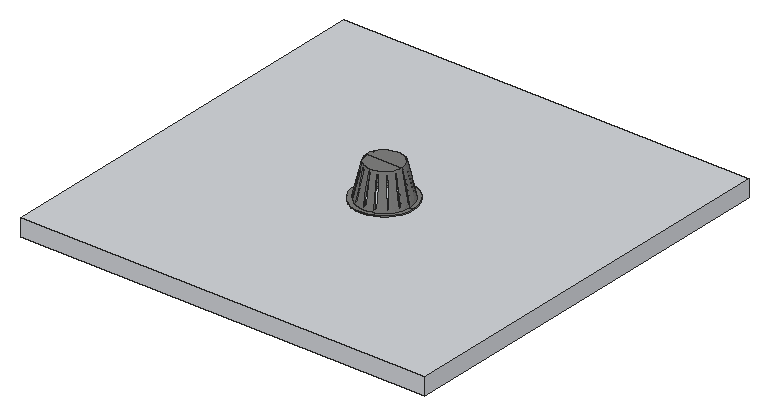
Revit family
Parameters (values of type "3"")
  URL = "WWW.MIFAB.COM"
  Roof Drain = Roof Drain
  R1 = 5.000"
  Pipe Radius = 1.500"
  Pipe Diameter = Pipe Radius * 2  # 3.000"
  Model = "R1200"
  Manufacturer = "MIFAB"
  H3 = Body Height / 3.375  # 1.81481"
  H2 = Body Height / 1.99  # 3.07789"
  H1 = Body Height / 1.53  # 4.00327"
  Description = "LARGE SUMP ROOF DRAIN"
  Default Elevation = 48.000"
  Body Height = 6.125"
Types (7): name | Pipe Radius | Pipe Diameter | H3 | H2 | H1 | Body Height
  (no name) | 1.500" | 3.000" | 1.81481" | 3.07789" | 4.00327" | 6.125"
  4" | 2.000" | 4.000" | 1.81481" | 3.07789" | 4.00327" | 6.125"
  2" | 1.000" | 2.000" | 1.81481" | 3.07789" | 4.00327" | 6.125"
  3" | 1.500" | 3.000" | 1.81481" | 3.07789" | 4.00327" | 6.125"
  5" | 2.500" | 5.000" | 1.81481" | 3.07789" | 4.00327" | 6.125"
  6" | 3.000" | 6.000" | 2.37037" | 4.0201" | 5.22876" | 8.000"
  8" | 4.000" | 8.000" | 2.37037" | 4.0201" | 5.22876" | 8.000"
Reference planes (in)
  plane 1 "Center (Front/Back)": y = 0
  plane 2: z = 0
  plane 3 "Center (Left/Right)": x = 0
  plane 4: x = 1.7
  plane 5: x = 4.25
  plane 6: x = 4.5
  plane 7: x = 5
  plane 8: x = 7
  plane 9: x = 1.5
  plane 10: z = -6.125
  plane 11: z = -4.00327
  plane 12: z = -3.07789
  plane 13: z = -0.2
  plane 14: z = 0.2085
  plane 15: z = -1.81481
  plane 16: x = 4.2
  plane 17: z = 8
  plane 18: x = 6
  plane 19: x = -0.25
  plane 20: x = 0.25
  plane 21: z = 7.5
  plane 22: z = 0.7085
Forms (in)
  Extrusion 1, solid
    sketch origin (0, 0, 0) x (1, 0, 0) y (0, 1, 0)
      loop
        line (-48, 48) -> (-48, -48) -> (48, -48) -> (48, 48) -> (-48, 48)
    from 0 to -4
  Revolve 2, solid, material "Roof Drain" <- "Roof Drain"
    sketch origin (0, 0, 0) x (1, 0, 0) y (0, 0, 1)
      loop
        line (1.7, -6.125) -> (1.7, -4.00327) -> (4.25, -4.00327) -> (4.5, -0.2) -> (5, -0.2) -> (5, 0) -> (7, 0) -> (7, 0.2085) -> (4.31396, 0.2085) -> (4.05026, -3.80327) -> (1.5, -3.80327) -> (1.5, -6.125) -> (1.7, -6.125)
      axis (0, 0.2085) -> (0, -6.125)
    angle from 0 to 360
  Revolve 3, solid, material "Roof Drain" <- "Roof Drain"
    sketch origin (0, 0, 0) x (1, 0, 0) y (0, 0, 1)
      loop
        line (0, 8) -> (0, 7.8) -> (4.04094, 7.8) -> (5.79473, 0.2085) -> (6, 0.2085) -> (4.2, 8) -> (0, 8)
      axis (0, 0.2085) -> (0, 8)
    angle from 0 to 360
  Extrusion 4, void
    sketch origin (0, 0, 0) x (1, 0, 0) y (0, 0, 1)
      loop
        line (-0.25, 7.5) -> (-0.25, 0.7085) -> (0.25, 0.7085) -> (0.25, 7.5) -> (-0.25, 7.5)
    from -6.43838 to 6.34689
  Extrusion 5, void
    sketch origin (0, 0, 0) x (0.92388, -0.382683, 0) y (0, 0, 1)
      loop
        line (-0.25, 7.5) -> (-0.25, 0.7085) -> (0.25, 0.7085) -> (0.25, 7.5) -> (-0.25, 7.5)
    from -6.43838 to 6.34689
  Extrusion 6, void
    sketch origin (0, 0, 0) x (0.92388, 0.382683, 0) y (0, 0, 1)
      loop
        line (-0.25, 7.5) -> (-0.25, 0.7085) -> (0.25, 0.7085) -> (0.25, 7.5) -> (-0.25, 7.5)
    from -6.43838 to 6.34689
  Extrusion 7, void
    sketch origin (0, 0, 0) x (0.707107, 0.707107, 0) y (0, 0, 1)
      loop
        line (-0.25, 7.5) -> (-0.25, 0.7085) -> (0.25, 0.7085) -> (0.25, 7.5) -> (-0.25, 7.5)
    from -6.43838 to 6.34689
  Extrusion 8, void
    sketch origin (0, 0, 0) x (0.382683, 0.92388, 0) y (0, 0, 1)
      loop
        line (-0.25, 7.5) -> (-0.25, 0.7085) -> (0.25, 0.7085) -> (0.25, 7.5) -> (-0.25, 7.5)
    from -6.43838 to 6.34689
  Extrusion 9, void
    sketch origin (0, 0, 0) x (0, 1, 0) y (0, 0, 1)
      loop
        line (-0.25, 7.5) -> (-0.25, 0.7085) -> (0.25, 0.7085) -> (0.25, 7.5) -> (-0.25, 7.5)
    from -6.43838 to 6.34689
  Extrusion 10, void
    sketch origin (0, 0, 0) x (-0.382683, 0.92388, 0) y (0, 0, 1)
      loop
        line (-0.25, 7.5) -> (-0.25, 0.7085) -> (0.25, 0.7085) -> (0.25, 7.5) -> (-0.25, 7.5)
    from -6.43838 to 6.34689
  Extrusion 11, void
    sketch origin (0, 0, 0) x (-0.707107, 0.707107, 0) y (0, 0, 1)
      loop
        line (-0.25, 7.5) -> (-0.25, 0.7085) -> (0.25, 0.7085) -> (0.25, 7.5) -> (-0.25, 7.5)
    from -6.43838 to 6.34689
Cuts and joins
  Extrusion 4, Extrusion 5, Extrusion 6, Extrusion 7, Extrusion 8, Extrusion 9, Extrusion 10, Extrusion 11 cuts Revolve 3
Dimensions and locks (in)
  "Pipe Radius": plane 9 to plane 3 "Center (Left/Right)"
  locked: plane 4 to plane 9 at 0.2
  "R1": plane 7 to plane 3 "Center (Left/Right)"
  plane 5 to plane 3 "Center (Left/Right)" = 4.250"
  plane 6 to plane 3 "Center (Left/Right)" = 4.500"
  plane 8 to plane 3 "Center (Left/Right)" = 7.000"
  "Body Height": level to plane 10
  level to plane 13 = 0.200"
  "H3": level to plane 15
  "H2": Extrusion 1 to plane 12
  "H1": level to plane 11
  locked: plane 16 to plane 3 "Center (Left/Right)" at 4.2
  locked: plane 17 to level at 8
  locked: plane 18 to plane 3 "Center (Left/Right)" at 6
  locked: plane 17 to Revolve 3 sketch curve at 0.2
  locked: Revolve 3 sketch curve to Revolve 3 sketch curve at 0.2
  locked: Revolve 2 sketch curve to Revolve 2 sketch curve at 0.2
  locked: Revolve 2 sketch curve to Revolve 2 sketch curve at 0.21243
  plane 17 to plane 21 = 0.500"
  locked: plane 22 to plane 14 at 0.5
  aligned and locked: plane 2 to Extrusion 1
  aligned and locked: level to Extrusion 1
  aligned and locked: Revolve 2 sketch curve to plane 10
  aligned and locked: Revolve 2 sketch curve to plane 4
  aligned and locked: Revolve 2 sketch curve to plane 13
  aligned and locked: Revolve 2 sketch curve to plane 7
  aligned and locked: Extrusion 1 to Revolve 2 sketch curve
  aligned and locked: Revolve 2 sketch curve to plane 8
  aligned and locked: Revolve 2 sketch curve to plane 14
  aligned and locked: Revolve 2 sketch curve to plane 3 "Center (Left/Right)"
  aligned and locked: plane 9 to Revolve 2 sketch curve
  aligned and locked: Revolve 2 sketch curve to plane 11
  aligned and locked: plane 3 "Center (Left/Right)" to Revolve 3 sketch curve  (x2)
  aligned and locked: Revolve 3 sketch curve to plane 17
  aligned and locked: plane 16 to Revolve 3 sketch curve
  aligned and locked: Revolve 3 sketch curve to plane 14
Automatic sketch dimensions
  Extrusion 1 sketch curve to Extrusion 1 sketch curve = 96.000"  (x2)
  Revolve 3 sketch curve to plane 18 = 0.000"
  Revolve 3 sketch curve to Revolve 3 sketch curve = 5.000"
  Revolve 3 sketch curve to Revolve 3 sketch curve = 1.750"
  Revolve 2 sketch curve to plane 5 = 0.000"
  Revolve 2 sketch curve to plane 6 = 0.000"
  plane 10 to Revolve 2 sketch curve = 5.000"
  Revolve 2 sketch curve to Revolve 2 sketch curve = 11.000"
  Extrusion 4 sketch curve to Extrusion 4 sketch curve = 0.500"
  Extrusion 4 sketch curve to Extrusion 4 sketch curve = 6.7915"
  Extrusion 5 sketch curve to Extrusion 5 sketch curve = 0.500"
  Extrusion 5 sketch curve to Extrusion 5 sketch curve = 6.7915"
  Extrusion 6 sketch curve to Extrusion 6 sketch curve = 0.500"
  Extrusion 6 sketch curve to Extrusion 6 sketch curve = 6.7915"
  Extrusion 7 sketch curve to Extrusion 7 sketch curve = 0.500"
  Extrusion 7 sketch curve to Extrusion 7 sketch curve = 6.7915"
  Extrusion 8 sketch curve to Extrusion 8 sketch curve = 0.500"
  Extrusion 8 sketch curve to Extrusion 8 sketch curve = 6.7915"
  Extrusion 9 sketch curve to Extrusion 9 sketch curve = 0.500"
  Extrusion 9 sketch curve to Extrusion 9 sketch curve = 6.7915"
  Extrusion 10 sketch curve to Extrusion 10 sketch curve = 0.500"
  Extrusion 10 sketch curve to Extrusion 10 sketch curve = 6.7915"
  Extrusion 11 sketch curve to Extrusion 11 sketch curve = 0.500"
  Extrusion 11 sketch curve to Extrusion 11 sketch curve = 6.7915"
Connectors (in)
  piping at (0, 0, -6.125), driven by "Pipe Radius"
    settings: on Revolve 2, index 1, connector radius 1 1/2", flow factor 0, pipe flow 0 GPM, pressure drop 0.00 psi, fitting loss kfactor 0, connector angle 0.00°, fixture units 0, flow configuration 0, flow direction 2, fitting loss method 0, system type 16, connector reference index -1, connector utility 0, adjustable connector no, is connector primary yes, fitting loss table "", connector description ""
